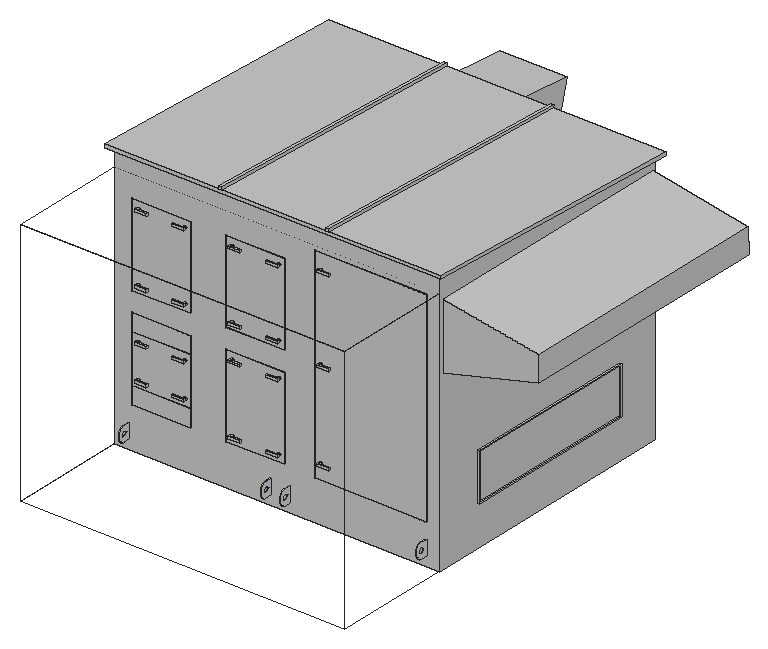
Revit family "DN-5XRT-1FP-EC", category Mechanical Equipment, Revit 2016
Family settings
  Part Type = Normal
  Round Connector Dimension = Use Diameter
  Work Plane-Based = No
  Always vertical = Yes
  Cut with Voids When Loaded = No
  Shared = No
  Room Calculation Point = No
Parameters (values of type "4@2.70 kW 200-240V")
  Voltage = "200-240V"
  Unit Weight = "3800-4200 lbs."
  Unit Dimensions (L x W x H) = "144-1/2\" x 122-3/4\" x 92-1/8\""
  Unit = Renewaire - Galvanized Steel
  URL = "www.renewaire.com"
  Typical Airflow Range = "1,125-4,950 CFM"
  Standard Features = "EC Motors for both airstreams, Direct drive backward inclined plenum, Higher ESP of up to 3\" w.g. at 4,500 CFM, Integrated programmable controls, True 100% face and bypass enthalpy based modulating economizer, Class 1 low leakage motorized isolation dampers, Stainless steel double-sloped drain pan with cooling option, 1\" Double wall foam injected 20 gauge galvanized panel construction with R6.5 insulation"
  Service Area Visibility = yes
  Service Area Box = Renewaire - Interference
  Revit Object Download Link = ""
  Phase = 3
  Options = "DX, heat pump, or chilled water cooling coil, Modulating hot gas reheat, Steam or hot water coil, Onboard variable frequency drives (VFDs) - both airstreams, Fused disconnect, Spring isolators (VFDs only), 2\" Double wall foam injected 20 gauge galvanized panel construction with R13 insulation, Exterior paint - grey, white, custom color, Salt spray - 2500 hours, BACNET factory activation, GFCI convenience outlet, Recirculation damper, Drain overflow switch, Mist Eliminator, Electrofin coating for coils"
  Number Motors = "Qty. 4, Direct drive motorized impeller packages"
  Model = "DN-5XRT-1FP-EC"
  Minimum Circuit Amps = "36.6 A"
  Maximum Overcurrent Protection = "45 A"
  Max. Shipping Weight = "4050-4450 lbs."
  Shipping Dimensions (L x W x H) = "120\" x 101-1/2\" x 98\""
  Manufacturer = "Renewaire LLC"
  Inlets/Outlets [instance] = "OA & RA Inlets: 60\" x 16\", SA Outlet: 24\" x 16\", EA Outlet: 20\" x 32\""
  Frequency = "50/60 Hz"
  Filters [instance] = "Total qty. 10, MERV 8: 16\" x 20\" x 2\""
  FLA per Motor = "8.6-7.2"
  Energy Recovery Type = "Static plate total energy transfer"
  Description = "Energy Recovery Ventilator"
  Bypass Filters [instance] = "Total qty. 4, MERV 8: 16\" x 20\" x 2\""
  Accessories = "Filters - MERV 13, 2\"  and 4\" (shipped loose), MERV 14, 2\" and 4\" (shipped loose), Additional filters available upon request, Roof curb - standard 14\", Hurricane or seismic rated curbs, Curb clip kit, Carbon dioxide sensor/control - wall mount (CO2-W), duct mount (CO2-D), IAQ sensor - wall mount (IAQ-W), duct mount (IAQ-D), Motion occupancy sensor/control - ceiling mount (MC-C), wall mount (MC-W), Smoke detector, Room temperature and humidity sensor, Duct static pressure sensor with display to 10\", without display 0-2\", Room pressure sensor with display to 1\", without display 0-1\", Waterless trap negative pressure, waterless trap positive pressure, Remote display"
  AHRI 1060 Certified Core = "One L-62-G5 and four L-125-G5"
Types (6): name | Voltage | Minimum Circuit Amps | Maximum Overcurrent Protection | FLA per Motor
  (no name) | "200-240V" | "36.6 A" | "45 A" | "8.6-7.2"
  4@2.70 kW 200-240V | "200-240V" | "36.6 A" | "45 A" | "8.6-7.2"
  4@3.70 kW 380-480V | "380-480V" | "25.5 A" | "30 A" | "6.0-4.6"
  4@5HP 208-230V | "208-230V" | "59.1 A" | "70 A" | "13.9-13.4/6.7"
  4@5HP 460V | "460V" | "28.5 A" | "35 A" | "6.7"
  4@5HP 575V | "575V" | "22.5 A" | "25 A" | "5.3"
Reference planes (in)
  plane 1 "Center (Front/Back)": y = 0
  plane 2: z = 0
  plane 3 "Center (Left/Right)": x = 0
Forms (in)
  Extrusion 1, solid, material "Renewaire - Galvanized Steel" <- "Unit"
    sketch origin (0, 0, 1.99997) x (0, 1, 0) y (0, 0, 1)
      loop
        line (12.11677, 31.05846) -> (-11.88323, 31.05846) -> (-11.88323, 15.05845) -> (12.11677, 15.05845) -> (12.11677, 31.05846)
      loop
        line (11.99177, 30.93346) -> (-11.75823, 30.93346) -> (-11.75823, 15.18345) -> (11.99177, 15.18345) -> (11.99177, 30.93346)
    from -110.75 to -109.75
  Extrusion 2, solid, material "Renewaire - Galvanized Steel" <- "Unit"
    sketch origin (0, 0, 1.99998) x (0, 1, 0) y (0, 0, 1)
      loop
        line (-29.87714, 28.04274) -> (-29.87714, 12.04274) -> (30.12286, 12.04274) -> (30.12286, 28.04274) -> (-29.87714, 28.04274)
      loop
        line (-29.75214, 27.91774) -> (-29.75214, 12.16774) -> (29.99786, 12.16774) -> (29.99786, 27.91774) -> (-29.75214, 27.91774)
    from 0 to 1
  Extrusion 3, solid, material "Renewaire - Galvanized Steel" <- "Unit"
    sketch origin (0, 0, 2.70998) x (1, 0, 0) y (0, 0, 1)
      loop
        line (-103.68333, 17.034) -> (-103.68333, 11.434) -> (-84.08333, 11.434) -> (-84.08333, 17.034) -> (-103.68333, 17.034)
      loop
        line (-103.68333, 33.374) -> (-103.68333, 17.27399) -> (-84.08333, 17.27399) -> (-84.08333, 33.374) -> (-103.68333, 33.374)
      loop
        line (-103.68333, 39.214) -> (-103.68333, 33.614) -> (-84.08333, 33.614) -> (-84.08333, 39.214) -> (-103.68333, 39.214)
      loop
        line (-103.68333, 73.62401) -> (-103.68333, 46.024) -> (-84.08333, 46.024) -> (-84.08333, 73.62401) -> (-103.68333, 73.62401)
      loop
        line (-71.94753, 73.62401) -> (-71.94753, 46.024) -> (-52.34756, 46.024) -> (-52.34756, 73.62401) -> (-71.94753, 73.62401)
      loop
        line (-71.94754, 39.124) -> (-71.94754, 11.434) -> (-52.34753, 11.434) -> (-52.34753, 39.124) -> (-71.94754, 39.124)
      loop
        line (-41.95871, 10.97626) -> (-4.26607, 10.97626) -> (-4.26607, 79.67027) -> (-41.95871, 79.67027) -> (-41.95871, 10.97626)
    from 44.5 to 45.5
  Extrusion 4, solid, material "Renewaire - Interference" <- "Service Area Box", visible <- "Service Area Visibility"
    sketch origin (0, 0, 0) x (1, 0, 0) y (0, 1, 0)
      loop
        line (-109.75, -45.5) -> (-109.75, -85.5) -> (0, -85.5) -> (0, -45.5) -> (-109.75, -45.5)
    from 0 to 84
  Extrusion 5, solid, material "Renewaire - Galvanized Steel" <- "Unit"
    sketch origin (0, 0, 0) x (1, 0, 0) y (0, 0, 1)
      loop
        line (0, 82.10866) -> (0, 59.48366) -> (32.49866, 68.01908) -> (32.49866, 76.37827) -> (0, 82.10866)
    from -44.29849 to 44.08852
  Extrusion 6, solid, material "Renewaire - Galvanized Steel" <- "Unit"
    sketch origin (0, 0, 0) x (0, 1, 0) y (0, 0, 1)
      loop
        line (45.42474, 81.97972) -> (45.42474, 46.1082) -> (57.67474, 46.1082) -> (69.06801, 64.34123) -> (73.14441, 79.55457) -> (45.42474, 81.97972)
    from -74.44855 to -51.90454
  Extrusion 7, solid, material "Renewaire - Galvanized Steel" <- "Unit"
    sketch origin (0, 0, 0) x (0, 1, 0) y (0, 0, 1)
      loop
        line (45.5, 0.01019) -> (45.5, 86.0075) -> (-45.50002, 90.01019) -> (-45.50002, 0.01019) -> (45.5, 0.01019)
    from 0 to -109.75
  Extrusion 8, void
    sketch origin (0, 0, 0) x (1, 0, 0) y (0, 1, 0)
      loop
        line (-107.75, 43.5) -> (-107.75, -43.50002) -> (-2, -43.50002) -> (-2, 43.5) -> (-107.75, 43.5)
    from 0 to 8
  Extrusion 9, void
    sketch origin (0, 0, 0) x (1, 0, 0) y (0, 1, 0)
      loop
        line (-105.32417, 11.99999) -> (-105.32417, -12.00001) -> (-89.32417, -12.00001) -> (-89.32417, 11.99999) -> (-105.32417, 11.99999)
      loop
        line (-21.98952, 30.00001) -> (-21.98952, -29.99999) -> (-5.98952, -29.99999) -> (-5.98952, 30.00001) -> (-21.98952, 30.00001)
    from 8.5 to 7.5
  Extrusion 10, void
    sketch origin (0, 0, 0) x (1, 0, 0) y (0, 0, 1)
      loop
        line (-103.93333, 42.08398) -> (-103.93333, 13.89398) -> (-83.83333, 13.89398) -> (-83.83333, 42.08398) -> (-103.93333, 42.08398)
      loop
        line (-103.93333, 76.58399) -> (-103.93333, 48.48398) -> (-83.83333, 48.48398) -> (-83.83333, 76.58399) -> (-103.93333, 76.58399)
      loop
        line (-72.19754, 76.58399) -> (-72.19754, 48.48398) -> (-52.09753, 48.48398) -> (-52.09753, 76.58399) -> (-72.19754, 76.58399)
      loop
        line (-72.19754, 42.08398) -> (-72.19754, 13.89398) -> (-52.09753, 13.89398) -> (-52.09753, 42.08398) -> (-72.19754, 42.08398)
      loop
        line (-42.20871, 82.63025) -> (-42.20871, 13.43624) -> (-4.01607, 13.43624) -> (-4.01607, 82.63025) -> (-42.20871, 82.63025)
    from 46 to 44.5
  Extrusion 11, solid, material "Renewaire - Galvanized Steel" <- "Unit"
    sketch origin (0, 0, 0) x (0, 1, 0) y (0, 0, 1)
      loop
        line (47.49807, 85.91961) -> (47.54201, 86.91865) -> (-47.45414, 91.09711) -> (-47.49808, 90.09807) -> (47.49807, 85.91961)
    from 2 to -111.75
  Extrusion 12, solid, material "Renewaire - Galvanized Steel" <- "Unit"
    sketch origin (0, -0.04394, 0) x (0, 1, 0) y (0, 0, 1)
      loop
        line (47.54201, 86.91865) -> (47.58595, 87.91768) -> (-47.4102, 92.09614) -> (-47.45414, 91.09711) -> (47.54201, 86.91865)
    from -72 to -73
  Extrusion 13, solid, material "Renewaire - Galvanized Steel" <- "Unit"
    sketch origin (0, -0.04394, 0) x (0, 1, 0) y (0, 0, 1)
      loop
        line (47.54201, 86.91865) -> (47.58595, 87.91768) -> (-47.4102, 92.09614) -> (-47.45414, 91.09711) -> (47.54201, 86.91865)
    from -37 to -36
  Extrusion 14, void
    sketch origin (0, 0, 0) x (1, 0, 0) y (0, 0, 1)
      loop
        line (-83.83333, 76.58399) -> (-103.93333, 76.58399) -> (-103.93333, 48.48398) -> (-83.83333, 48.48398) -> (-83.83333, 76.58399)
      loop
        line (-83.83333, 42.08398) -> (-103.93333, 42.08398) -> (-103.93333, 13.89398) -> (-83.83333, 13.89398) -> (-83.83333, 42.08398)
    from -44.5 to -46.5
  Extrusion 15, solid, material "Renewaire - Galvanized Steel" <- "Unit"
    sketch origin (0, 0, 0) x (1, 0, 0) y (0, 0, 1)
      loop
        line (-84.08333, 76.33399) -> (-103.68333, 76.33399) -> (-103.68333, 48.73398) -> (-84.08333, 48.73398) -> (-84.08333, 76.33399)
      loop
        line (-84.08333, 41.92398) -> (-103.68333, 41.92398) -> (-103.68333, 36.32398) -> (-84.08333, 36.32398) -> (-84.08333, 41.92398)
      loop
        line (-84.08333, 36.08398) -> (-103.68333, 36.08398) -> (-103.68333, 19.98398) -> (-84.08333, 19.98398) -> (-84.08333, 36.08398)
      loop
        line (-84.08333, 14.14398) -> (-84.08333, 19.74398) -> (-103.68333, 19.74398) -> (-103.68333, 14.14398) -> (-84.08333, 14.14398)
    from -44.5 to -45.5
Cuts and joins
  Extrusion 8, Extrusion 9, Extrusion 10, Extrusion 14 cuts Extrusion 7
Dimensions and locks (in)
  aligned and locked: plane 2 to level
Nested families (in)
  nested 1: "Handle" at (-40.11251, -45.5, 18.70998), type "Handle"
    with Right Handle yes, Left Handle no, Flip no
  nested 2: "Handle" at (-40.11251, -45.5, 77.38025), type "Handle"
    with Right Handle yes, Left Handle no, Flip no
  nested 3: "Handle" at (-40.11251, -45.5, 48.70998), type "Handle"
    with Right Handle yes, Left Handle no, Flip no
  nested 4: "Handle" at (-70.07253, -45.5, 74.08399), type "Handle"
    with Right Handle yes, Left Handle no, Flip no
  nested 5: "Handle" at (-70.07253, -45.5, 50.98398), type "Handle"
    with Right Handle yes, Left Handle no, Flip no
  nested 6: "Handle" at (-54.22256, -45.5, 74.08399), type "Handle"
    with Right Handle no, Left Handle yes, Flip yes
  nested 7: "Handle" at (-54.22256, -45.5, 50.98398), type "Handle"
    with Right Handle no, Left Handle yes, Flip yes
  nested 8: "Handle" at (-70.07253, -45.5, 39.58399), type "Handle"
    with Right Handle yes, Left Handle no, Flip no
  nested 9: "Handle" at (-70.07253, -45.5, 16.48399), type "Handle"
    with Right Handle yes, Left Handle no, Flip no
  nested 10: "Handle" at (-54.22256, -45.5, 39.58399), type "Handle"
    with Right Handle no, Left Handle yes, Flip yes
  nested 11: "Handle" at (-54.22256, -45.5, 16.48399), type "Handle"
    with Right Handle no, Left Handle yes, Flip yes
  nested 12: "Handle" at (-101.80833, -45.5, 33.83398), type "Handle"
    with Right Handle yes, Left Handle no, Flip no
  nested 13: "Handle" at (-101.80833, -45.5, 22.23398), type "Handle"
    with Right Handle yes, Left Handle no, Flip no
  nested 14: "Handle" at (-85.95836, -45.5, 33.83398), type "Handle"
    with Right Handle no, Left Handle yes, Flip yes
  nested 15: "Handle" at (-85.95836, -45.5, 22.23398), type "Handle"
    with Right Handle no, Left Handle yes, Flip yes
  nested 16: "Handle" at (-101.80833, -45.5, 74.08399), type "Handle"
    with Right Handle yes, Left Handle no, Flip no
  nested 17: "Handle" at (-101.80833, -45.5, 50.98398), type "Handle"
    with Right Handle yes, Left Handle no, Flip no
  nested 18: "Handle" at (-85.95836, -45.5, 74.08399), type "Handle"
    with Right Handle no, Left Handle yes, Flip yes
  nested 19: "Handle" at (-85.95836, -45.5, 50.98398), type "Handle"
    with Right Handle no, Left Handle yes, Flip yes
  nested 20: "Lifting Lug" at (-4.5, -45.5, 3) x (0, -1, 0) z (0, 0, 1), type "Lifting Lug"
  nested 21: "Lifting Lug" at (-105, -45.5, 3) x (0, -1, 0) z (0, 0, 1), type "Lifting Lug"
  nested 22: "Lifting Lug" at (-4.5, 45.5, 3) x (0, 1, 0) z (0, 0, 1), type "Lifting Lug"
  nested 23: "Lifting Lug" at (-105, 45.5, 3) x (0, 1, 0) z (0, 0, 1), type "Lifting Lug"
  nested 24: "Lifting Lug" at (-57, -45.5, 3) x (0, -1, 0) z (0, 0, 1), type "Lifting Lug"
  nested 25: "Lifting Lug" at (-57, 45.5, 3) x (0, 1, 0) z (0, 0, 1), type "Lifting Lug"
  nested 26: "Lifting Lug" at (-50.5, -45.5, 3) x (0, -1, 0) z (0, 0, 1), type "Lifting Lug"
  nested 27: "Lifting Lug" at (-50.5, 45.5, 3) x (0, 1, 0) z (0, 0, 1), type "Lifting Lug"
  nested 28: "Handle" at (-101.80833, 45.5, 33.83398), type "Handle"
    with Right Handle yes, Left Handle no, Flip no
  nested 29: "Handle" at (-101.80833, 45.5, 22.23398), type "Handle"
    with Right Handle yes, Left Handle no, Flip no
  nested 30: "Handle" at (-85.95836, 45.5, 33.83398), type "Handle"
    with Right Handle no, Left Handle yes, Flip yes
  nested 31: "Handle" at (-85.95836, 45.5, 22.23398), type "Handle"
    with Right Handle no, Left Handle yes, Flip yes
  nested 32: "Handle" at (-101.80833, 45.5, 74.08399), type "Handle"
    with Right Handle yes, Left Handle no, Flip no
  nested 33: "Handle" at (-101.80833, 45.5, 50.98398), type "Handle"
    with Right Handle yes, Left Handle no, Flip no
  nested 34: "Handle" at (-85.95836, 45.5, 74.08399), type "Handle"
    with Right Handle no, Left Handle yes, Flip yes
  nested 35: "Handle" at (-85.95836, 45.5, 50.98398), type "Handle"
    with Right Handle no, Left Handle yes, Flip yes
Connectors (in)
  hvac at (1, 0.12286, 22.04273)
    settings: on Extrusion 2, index 1, duct flow 0 CFM, flow factor 0, pres drop 0.00 in-wg, loss coef 0, conn angle 0.00°, conn width 60", conn height 16", conn diameter 24", duct sys type 2, conn prof type 1, flow config 0, flow direction 1, loss method 0, conn ref index -1, conn util no, is conn primary yes, conn desc "Return Air (RA)"
  hvac at (-110.75, 0.11677, 25.05843)
    settings: on Extrusion 1, index 6, duct flow 0 CFM, flow factor 0, pres drop 0.00 in-wg, loss coef 0, conn angle 0.00°, conn width 24", conn height 16", conn diameter 24", duct sys type 1, conn prof type 1, flow config 0, flow direction 2, loss method 0, conn ref index -1, conn util no, is conn primary no, conn desc "Supply Air (SA)"
  hvac at (-13.98952, 0.00001, 8.5)
    settings: on cut or joined group of Extrusion 7, Extrusion 8, Extrusion 9, Extrusion 10, Extrusion 14, index 8, duct flow 0 CFM, flow factor 0, pres drop 0.00 in-wg, loss coef 0, conn angle 0.00°, conn width 60", conn height 16", conn diameter 24", duct sys type 2, conn prof type 1, flow config 0, flow direction 1, loss method 0, conn ref index -1, conn util no, is conn primary no, conn desc "Return Air (RA)"
  hvac at (-97.32417, -0.00001, 8.5)
    settings: on cut or joined group of Extrusion 7, Extrusion 8, Extrusion 9, Extrusion 10, Extrusion 14, index 9, duct flow 0 CFM, flow factor 0, pres drop 0.00 in-wg, loss coef 0, conn angle 0.00°, conn width 24", conn height 16", conn diameter 24", duct sys type 1, conn prof type 1, flow config 0, flow direction 2, loss method 0, conn ref index -1, conn util no, is conn primary no, conn desc "Supply Air (SA)"
Definition of nested family "Handle"
  Parameters (values of type "Handle")
    Right Handle [instance] = not(Flip)  # no
    Material = none
    Left Handle [instance] = Flip  # yes
    Flip [instance] = yes
  Reference planes (in)
    plane 1 "Center (Front/Back)": y = 0
    plane 2: z = 0
    plane 3 "Center (Left/Right)": x = 0
  Forms (in)
    Extrusion 1, solid, material <- "Material"
      sketch origin (0, 0, 0) x (1, 0, 0) y (0, 0, 1)
        loop
          circle (0, 0) r 0.375
      from 0 to 0.75
    Extrusion 2, solid, material <- "Material", visible <- "Right Handle"
      sketch origin (0, 0, 0) x (1, 0, 0) y (0, 1, 0)
        loop
          line (-0.375, -0.75) -> (-0.375, -1.25) -> (3.625, -1.25) -> (3.625, -0.75) -> (-0.375, -0.75)
      from -0.375 to 0.375
    Extrusion 3, solid, material <- "Material", visible <- "Left Handle"
      sketch origin (-3.25, 0, 0) x (1, 0, 0) y (0, 1, 0)
        loop
          line (-0.375, -0.75) -> (-0.375, -1.25) -> (3.625, -1.25) -> (3.625, -0.75) -> (-0.375, -0.75)
      from -0.375 to 0.375
  Dimensions and locks (in)
    aligned and locked: plane 2 to level
Definition of nested family "Lifting Lug"
  Parameters (values of type "Lifting Lug")
    Material = none
  Reference planes (in)
    plane 1 "Center (Front/Back)": y = 0
    plane 2: z = 0
    plane 3 "Center (Left/Right)": x = 0
  Forms (in)
    Extrusion 1, solid
      sketch origin (0, 0, 0) x (1, 0, 0) y (0, 0, 1)
        loop
          line (0, 0.1875) -> (2, 0.1875)
          arc (2, 0.1875) -> (3.41421, 0.77329) -> (4, 2.1875) r 2
          line (4, 2.1875) -> (4, 3.1875)
          arc (4, 3.1875) -> (3.41421, 4.60171) -> (2, 5.1875) r 2
          line (2, 5.1875) -> (0, 5.1875) -> (0, 0.1875)
        loop
          circle (2.125, 2.6875) r 1
      from 0 to 0.25
  Dimensions and locks (in)
    aligned and locked: plane 2 to level
